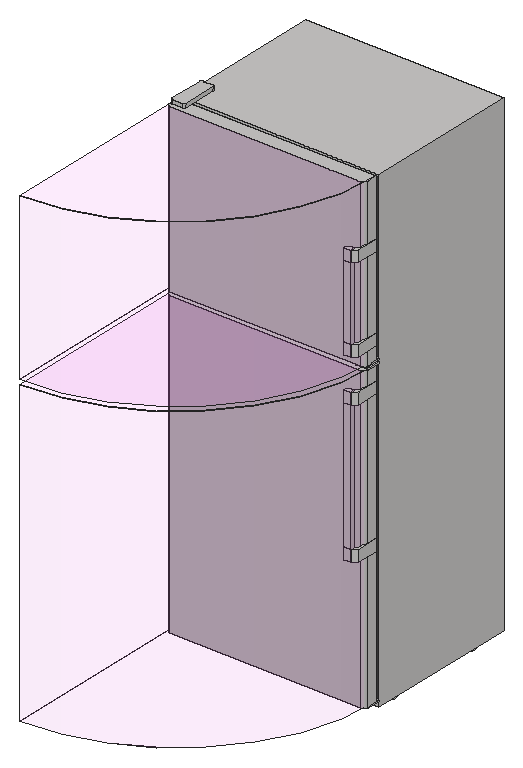
Revit family "QF_Summit_FF1513SS_Refrigerator_Freezer", category Specialty Equipment, Revit 2020
Family settings
  Round Connector Dimension = Use Diameter
  Part Type = Normal
  Work Plane-Based = No
  Always vertical = Yes
  Cut with Voids When Loaded = No
  Shared = No
  Room Calculation Point = No
Parameters
  Weight in Pounds = 185
  Watts = Volts * FL Amps  # 276 W
  Volts = 115 V
  URL Cutsheet = ""
  Specification by User = ""
  Specification by Manufacturer = ""
  Show RHD [instance] = not(Show LHD)  # yes
  Show LHD [instance] = no
  Serial Number = ""
  Seismic Rating = ""
  SMACNA No = ""
  Revision Code = ""
  Refrigerant Volume = 0.00 kip
  Refrigerant Type = "R600a"
  Phase = 1
  Number of Poles = 1
  NAFEM Spec ID Number = ""
  Model = "FF1513SS"
  Min Ckt Ampacity = 0 A
  Max Overcurrent Protection = 0 A
  Masterspec = ""
  Manufacturer = "Summit"
  Length = 27 1/2"
  Item Number = ""
  Installed By = ""
  Identify Quantity as Lot = yes
  Height = 67 1/4"
  HP = ""
  Furnished By = ""
  Foodservice Equipment Identifier = yes
  FL Amps = 2.4 A
  Electrical Remarks = ""
  Electric Connection Type = ""
  Elec Conn RI Height = 0"
  Elec Conn Connection Height = 0"
  Description = "Refrigerator Freezer"
  Depth = 26 1/4"
  Default Elevation = 0"
  Cycle = 60 Hz
  Conn Plug = ""
  Conn Conduit = yes
  CSI MasterFormat = ""
  BTUH = 0.0 Btu/h
  Apparent Power = 0 VA
Reference planes (in)
  plane 1 "BACK": y = 0
  plane 2: z = 0
  plane 3 "LEFT": x = 0
  plane 4 "RIGHT": x = 27.5
  plane 5 "FRONT": y = -26.25
  plane 6 "TOP": z = 67.25
  plane 7 "Center Y": x = 13.75
  plane 8 "Center X": y = -13.125
Dimensions and locks (in)
  equal spacing: plane 3 "LEFT", plane 7 "Center Y", plane 4 "RIGHT"
  "Length": plane 3 "LEFT" to plane 4 "RIGHT"
  equal spacing: plane 5 "FRONT", plane 8 "Center X", plane 1 "BACK"
  "Depth": plane 5 "FRONT" to plane 1 "BACK"
  "Height": plane 6 "TOP" to level
  nested 1 to plane 6 "TOP" = 1/2"
  aligned and locked: level to plane 2
Nested families (in)
  nested 1: "FF1513SS" at (0, 0, 0), Show LHD <- "Show LHD", Show RHD <- "Show RHD", type "FF1513SS"
    with Show RHD yes, Show LHD no, Show Clearance yes
Connectors (in)
  electrical at (23.54712, -1.59375, 15.10499), driven by "Volts", driven by "Watts"
    settings: on nested 1, index 1, voltage 115 V, apparent load 276 VA, apparent load phase1 0 VA, apparent load phase2 0 VA, apparent load phase3 0 VA, power factor 1, load classification "Other", number of poles 1, system type 30, power factor state 1, is connector primary yes, connector utility no, sub classification motor no, connector description "ELECTRICAL CONNECTION"
Definition of nested family "FF1513SS"
  Parameters (values of type "FF1513SS")
    Weight in Pounds = 0
    URL Cutsheet = ""
    Specification by User = ""
    Specification by Manufacturer = ""
    Show RHD [instance] = yes
    Show LHD [instance] = yes
    Show Clearance [instance] = yes
    Serial Number = ""
    Seismic Rating = ""
    SMACNA No = ""
    Revision Code = ""
    NAFEM Spec ID Number = ""
    Masterspec = ""
    Length = 27 1/2"
    Item Number = ""
    Installed By = ""
    Identify Quantity as Lot = yes
    Height = 67 1/4"
    Furnished By = ""
    Foodservice Equipment Identifier = yes
    Depth = 26 1/4"
    Default Elevation = 0"
    CSI MasterFormat = ""
  Reference planes (in)
    plane 1 "BACK": y = 0
    plane 2: z = 0
    plane 3 "LEFT": x = 0
    plane 4 "RIGHT": x = 27.5
    plane 5 "FRONT": y = -26.25
    plane 6 "TOP": z = 67.25
    plane 7 "Center Y": x = 13.75
    plane 8 "Center X": y = -13.125
    plane 9: y = -51.375
    plane 10: z = 0.875
    plane 11: z = 67.75
  Forms (in)
    Extrusion 1, solid
      sketch origin (-4.23287, -180, 0.875) x (-1, 0, 0) y (0, -1, 0)
        loop
          line (-4.23287, -178.375) -> (-4.23287, -156.625) -> (-31.73287, -156.625) -> (-31.73287, -178.375) -> (-4.23287, -178.375)
      from 0 to 66.375
    Extrusion 2, solid
      sketch origin (-4.23287, -180, 67.25) x (-1, 0, 0) y (0, -1, 0)
        loop
          line (-4.23287, -156.1626) -> (-4.23287, -154.6636)
          arc (-4.23287, -154.6636) -> (-4.36846, -154.32125) -> (-4.70168, -154.16457) r 0.5
          arc (-4.70168, -154.16457) -> (-17.98287, -153.75) -> (-31.26405, -154.16457) r 212.94342
          arc (-31.26405, -154.16457) -> (-31.59728, -154.32125) -> (-31.73287, -154.6636) r 0.5
          line (-31.73287, -154.6636) -> (-31.73287, -156.1626) -> (-4.23287, -156.1626)
      from 0 to -23
    Extrusion 3, solid
      sketch origin (-7.14863, -180, 43.68942) x (-1, 0, 0) y (0, -1, 0)
        loop
          line (-7.14863, -156.1626) -> (-7.14863, -154.6636)
          arc (-7.14863, -154.6636) -> (-7.28422, -154.32125) -> (-7.61745, -154.16457) r 0.5
          arc (-7.61745, -154.16457) -> (-20.89863, -153.75) -> (-34.17982, -154.16457) r 212.94342
          arc (-34.17982, -154.16457) -> (-34.51304, -154.32125) -> (-34.64863, -154.6636) r 0.5
          line (-34.64863, -154.6636) -> (-34.64863, -156.1626) -> (-7.14863, -156.1626)
      from 0 to -42
    Extrusion 4, solid, visible <- "Show LHD"
      sketch origin (-11.51506, -180, 59.55972) x (-1, 0, 0) y (0, -1, 0)
        loop
          line (-11.51506, -155.875) -> (-11.26506, -155.875) -> (-11.26506, -152.9277) -> (-11.94276, -152.25) -> (-12.89588, -152.25)
          arc (-12.89588, -152.25) -> (-12.69739, -152.7292) -> (-12.21818, -152.9277) r 0.6777
          line (-12.21818, -152.9277) -> (-11.94276, -152.9277) -> (-11.51506, -153.35539) -> (-11.51506, -155.875)
      from 0 to -1.53995
    Extrusion 5, solid, visible <- "Show LHD"
      sketch origin (-2.60867, -180, 47.7855) x (-1, 0, 0) y (0, -1, 0)
        loop
          line (-2.60867, -155.875) -> (-2.35867, -155.875) -> (-2.35867, -152.9277) -> (-3.03637, -152.25) -> (-3.9895, -152.25)
          arc (-3.9895, -152.25) -> (-3.791, -152.7292) -> (-3.3118, -152.9277) r 0.6777
          line (-3.3118, -152.9277) -> (-3.03637, -152.9277) -> (-2.60867, -153.35539) -> (-2.60867, -155.875)
      from 0 to -1.53995
    Extrusion 6, solid, visible <- "Show LHD"
      sketch origin (-11.51506, -180, 20.69028) x (0, 1, 0) y (1, 0, 0)
        loop
          line (155.875, 11.51506) -> (153.35539, 11.51506) -> (152.9277, 11.94276) -> (152.9277, 12.21818)
          arc (152.9277, 12.21818) -> (152.7292, 12.69739) -> (152.25, 12.89588) r 0.6777
          line (152.25, 12.89588) -> (152.25, 11.94276) -> (152.9277, 11.26506) -> (155.875, 11.26506) -> (155.875, 11.51506)
      from 0 to -1.53995
    Extrusion 7, solid, visible <- "Show LHD"
      sketch origin (-2.60867, -180, 40.277) x (0, 1, 0) y (1, 0, 0)
        loop
          line (155.875, 2.60867) -> (153.35539, 2.60867) -> (152.9277, 3.03637) -> (152.9277, 3.3118)
          arc (152.9277, 3.3118) -> (152.7292, 3.791) -> (152.25, 3.9895) r 0.6777
          line (152.25, 3.9895) -> (152.25, 3.03637) -> (152.9277, 2.35867) -> (155.875, 2.35867) -> (155.875, 2.60867)
      from 0 to -1.53995
    Extrusion 8, solid
      sketch origin (-4.23287, -180, 67.25) x (-1, 0, 0) y (0, -1, 0)
        loop
          line (-4.36935, -156.625) -> (-4.36935, -156.1626) -> (-31.63496, -156.1626) -> (-31.63496, -156.625) -> (-4.36935, -156.625)
      from -0.29526 to -22.63586
    Extrusion 9, solid
      sketch origin (-4.23287, -180, 20.75) x (0, 1, 0) y (1, 0, 0)
        loop
          line (156.625, 4.36935) -> (156.625, 31.63496) -> (156.1626, 31.63496) -> (156.1626, 4.36935) -> (156.625, 4.36935)
      from 18.72345 to -22.63586
    Extrusion 10, solid, visible <- "Show LHD"
      sketch origin (25.15505, -180, 67.75) x (-1, 0, 0) y (0, -1, 0)
        loop
          arc (-0.70701, -160.11767) -> (-0.53024, -160.04445) -> (-0.45701, -159.86767) r 0.25
          line (-0.45701, -159.86767) -> (-0.45701, -155.1197)
          arc (-0.45701, -155.1197) -> (-0.53024, -154.94292) -> (-0.70701, -154.8697) r 0.25
          line (-0.70701, -154.8697) -> (-2.09495, -154.8697)
          arc (-2.09495, -154.8697) -> (-2.27173, -154.94292) -> (-2.34495, -155.1197) r 0.25
          line (-2.34495, -155.1197) -> (-2.34495, -159.86767)
          arc (-2.34495, -159.86767) -> (-2.27173, -160.04445) -> (-2.09495, -160.11767) r 0.25
          line (-2.09495, -160.11767) -> (-0.70701, -160.11767)
      from 0 to -0.5
    Extrusion 11, solid
      sketch origin (-4.23287, -180, 44.25) x (0, -1, 0) y (-1, 0, 0)
        loop
          line (-155.1197, -29.84493) -> (-156.625, -29.84493) -> (-156.625, -31.73287) -> (-155.1197, -31.73287)
          arc (-155.1197, -31.73287) -> (-154.94292, -31.65964) -> (-154.8697, -31.48287) r 0.25
          line (-154.8697, -31.48287) -> (-154.8697, -30.09493)
          arc (-154.8697, -30.09493) -> (-154.94292, -29.91815) -> (-155.1197, -29.84493) r 0.25
      from 0 to 0.15722
    Extrusion 12, solid
      sketch origin (-7.14863, -180, 43.68942) x (-1, 0, 0) y (0, -1, 0)
        loop
          arc (-32.76069, -155.1197) -> (-32.83391, -154.94292) -> (-33.01069, -154.8697) r 0.25
          line (-33.01069, -154.8697) -> (-34.39863, -154.8697)
          arc (-34.39863, -154.8697) -> (-34.57541, -154.94292) -> (-34.64863, -155.1197) r 0.25
          line (-34.64863, -155.1197) -> (-34.64863, -156.625) -> (-32.76069, -156.625) -> (-32.76069, -155.1197)
      from 0 to 0.15722
    Extrusion 13, solid
      sketch origin (-7.14863, -180, 1.68942) x (0, 1, 0) y (1, 0, 0)
        loop
          line (155.1197, 32.76069) -> (156.625, 32.76069) -> (156.625, 34.64863) -> (155.1197, 34.64863)
          arc (155.1197, 34.64863) -> (154.94292, 34.57541) -> (154.8697, 34.39863) r 0.25
          line (154.8697, 34.39863) -> (154.8697, 33.01069)
          arc (154.8697, 33.01069) -> (154.94292, 32.83391) -> (155.1197, 32.76069) r 0.25
      from 0 to 0.15722
    Extrusion 14, solid
      sketch origin (-4.23287, -180, 0.875) x (0, -1, 0) y (-1, 0, 0)
        loop
          line (-178.375, -5.47103) -> (-178.83966, -5.47103)
          arc (-178.83966, -5.47103) -> (-179.12982, -5.59122) -> (-179.25, -5.88137) r 0.41034
          line (-179.25, -5.88137) -> (-179.25, -30.20465)
          arc (-179.25, -30.20465) -> (-179.15367, -30.43721) -> (-178.92112, -30.53353) r 0.32888
          line (-178.92112, -30.53353) -> (-178.375, -30.53353) -> (-178.375, -5.47103)
      from -1.15155 to -11.125
    Extrusion 15, solid
      sketch origin (-240, 9.27289, 3.18477) x (0, 1, 0) y (-1, 0, 0)
        loop
          arc (-9.27289, -258.021) -> (-9.34611, -257.84423) -> (-9.52289, -257.771) r 0.25
          line (-9.52289, -257.771) -> (-10.02289, -257.771) -> (-10.02289, -262.6552) -> (-9.52289, -262.6552)
          arc (-9.52289, -262.6552) -> (-9.34611, -262.58198) -> (-9.27289, -262.4052) r 0.25
          line (-9.27289, -262.4052) -> (-9.27289, -258.021)
      from 0 to 4.10827
    Extrusion 16, solid
      sketch origin (0, -1.625, 0.875) x (1, 0, 0) y (0, 0, -1)
        loop
          circle (23.54712, -14.22999) r 0.25
      from 0 to 0.03125
    Extrusion 17, solid, visible <- "Show LHD"
      sketch origin (-7.14863, -180, 1.68942) x (0, -1, 0) y (-1, 0, 0)
        loop
          line (-156.1626, -7.14866) -> (-156.1626, -34.64863) -> (-128.625, -34.64863)
          arc (-128.625, -34.64863) -> (-136.69286, -15.1899) -> (-156.1626, -7.14866) r 27.5
      from 0 to -42
    Extrusion 18, solid, visible <- "Show LHD"
      sketch origin (-4.23287, -180, 44.25) x (0, -1, 0) y (-1, 0, 0)
        loop
          line (-156.16202, -4.23201) -> (-156.1626, -31.73287) -> (-128.62295, -31.73287)
          arc (-128.62295, -31.73287) -> (-136.69128, -12.27331) -> (-156.16202, -4.23201) r 27.50088
      from 0 to -23
    Extrusion 19, solid, visible <- "Show LHD"
      sketch origin (-11.51506, -180, 20.69028) x (-1, 0, 0) y (0, 1, 0)
        loop
          line (-11.94276, 152.25) -> (-11.94276, 152.9277) -> (-12.21818, 152.9277)
          arc (-12.21818, 152.9277) -> (-12.69739, 152.7292) -> (-12.89588, 152.25) r 0.6777
          line (-12.89588, 152.25) -> (-11.94276, 152.25)
      from 0 to -21.12667
    Extrusion 20, solid, visible <- "Show LHD"
      sketch origin (-11.51506, -180, 59.55972) x (-1, 0, 0) y (0, -1, 0)
        loop
          line (-11.94276, -152.25) -> (-12.89588, -152.25)
          arc (-12.89588, -152.25) -> (-12.69739, -152.7292) -> (-12.21818, -152.9277) r 0.6777
          line (-12.21818, -152.9277) -> (-11.94276, -152.9277) -> (-11.94276, -152.25)
      from 0 to -13.31417
    Revolve 21, solid
      sketch origin (-240, -19.375, 7.75124) x (0, 0, 1) y (-1, 0, 0)
        loop
          line (-6.87624, -241.75) -> (-7.75124, -241.75) -> (-7.75124, -242.75) -> (-7.50124, -242.75) -> (-7.50124, -242) -> (-6.87624, -242) -> (-6.87624, -241.75)
        axis (-7.75124, -241.75) -> (-6.87624, -241.75)
      angle from 0 to 360
    Revolve 22, solid
      sketch origin (-240, -19.375, 7.75124) x (0, 0, 1) y (-1, 0, 0)
        loop
          line (-6.87624, -265.75) -> (-6.87624, -265.5) -> (-7.50124, -265.5) -> (-7.50124, -264.75) -> (-7.75124, -264.75) -> (-7.75124, -265.75) -> (-6.87624, -265.75)
        axis (-7.75124, -265.75) -> (-6.87624, -265.75)
      angle from 0 to 360
    Revolve 23, solid
      sketch origin (-240, -5.625, 7.75124) x (0, 0, 1) y (1, 0, 0)
        loop
          line (-6.87624, 241.75) -> (-6.87624, 242) -> (-7.50124, 242) -> (-7.50124, 242.75) -> (-7.75124, 242.75) -> (-7.75124, 241.75) -> (-6.87624, 241.75)
        axis (-7.75124, 241.75) -> (-6.87624, 241.75)
      angle from 0 to 360
    Revolve 24, solid
      sketch origin (-240, -5.625, 7.75124) x (0, 0, 1) y (1, 0, 0)
        loop
          line (-6.87624, 265.75) -> (-7.75124, 265.75) -> (-7.75124, 264.75) -> (-7.50124, 264.75) -> (-7.50124, 265.5) -> (-6.87624, 265.5) -> (-6.87624, 265.75)
        axis (-7.75124, 265.75) -> (-6.87624, 265.75)
      angle from 0 to 360
    Extrusion 25, solid, visible <- "Show RHD"
      sketch origin (34.64863, -180, 1.68942) x (0, 1, 0) y (1, 0, 0)
        loop
          arc (156.1626, -7.14866) -> (136.69286, -15.1899) -> (128.625, -34.64863) r 27.5
          line (128.625, -34.64863) -> (156.1626, -34.64863) -> (156.1626, -7.14866)
      from 0 to -42
    Extrusion 26, solid, visible <- "Show RHD"
      sketch origin (31.73287, -180, 44.25) x (0, 1, 0) y (1, 0, 0)
        loop
          arc (156.16202, -4.23201) -> (136.69128, -12.27331) -> (128.62295, -31.73287) r 27.50088
          line (128.62295, -31.73287) -> (156.1626, -31.73287) -> (156.16202, -4.23201)
      from 0 to -23
    Extrusion 27, solid, visible <- "Show RHD"
      sketch origin (39.01506, -180, 59.55972) x (1, 0, 0) y (0, 1, 0)
        loop
          line (-11.51506, 155.875) -> (-11.51506, 153.35539) -> (-11.94276, 152.9277) -> (-12.21818, 152.9277)
          arc (-12.21818, 152.9277) -> (-12.69739, 152.7292) -> (-12.89588, 152.25) r 0.6777
          line (-12.89588, 152.25) -> (-11.94276, 152.25) -> (-11.26506, 152.9277) -> (-11.26506, 155.875) -> (-11.51506, 155.875)
      from 0 to -1.53995
    Extrusion 28, solid, visible <- "Show RHD"
      sketch origin (30.10867, -180, 47.7855) x (1, 0, 0) y (0, 1, 0)
        loop
          line (-2.60867, 155.875) -> (-2.60867, 153.35539) -> (-3.03637, 152.9277) -> (-3.3118, 152.9277)
          arc (-3.3118, 152.9277) -> (-3.791, 152.7292) -> (-3.9895, 152.25) r 0.6777
          line (-3.9895, 152.25) -> (-3.03637, 152.25) -> (-2.35867, 152.9277) -> (-2.35867, 155.875) -> (-2.60867, 155.875)
      from 0 to -1.53995
    Extrusion 29, solid, visible <- "Show RHD"
      sketch origin (39.01506, -180, 20.69028) x (0, -1, 0) y (-1, 0, 0)
        loop
          line (-155.875, 11.51506) -> (-155.875, 11.26506) -> (-152.9277, 11.26506) -> (-152.25, 11.94276) -> (-152.25, 12.89588)
          arc (-152.25, 12.89588) -> (-152.7292, 12.69739) -> (-152.9277, 12.21818) r 0.6777
          line (-152.9277, 12.21818) -> (-152.9277, 11.94276) -> (-153.35539, 11.51506) -> (-155.875, 11.51506)
      from 0 to -1.53995
    Extrusion 30, solid, visible <- "Show RHD"
      sketch origin (30.10867, -180, 40.277) x (0, -1, 0) y (-1, 0, 0)
        loop
          line (-155.875, 2.60867) -> (-155.875, 2.35867) -> (-152.9277, 2.35867) -> (-152.25, 3.03637) -> (-152.25, 3.9895)
          arc (-152.25, 3.9895) -> (-152.7292, 3.791) -> (-152.9277, 3.3118) r 0.6777
          line (-152.9277, 3.3118) -> (-152.9277, 3.03637) -> (-153.35539, 2.60867) -> (-155.875, 2.60867)
      from 0 to -1.53995
    Extrusion 31, solid, visible <- "Show RHD"
      sketch origin (39.01506, -180, 20.69028) x (1, 0, 0) y (0, -1, 0)
        loop
          line (-11.94276, -152.25) -> (-12.89588, -152.25)
          arc (-12.89588, -152.25) -> (-12.69739, -152.7292) -> (-12.21818, -152.9277) r 0.6777
          line (-12.21818, -152.9277) -> (-11.94276, -152.9277) -> (-11.94276, -152.25)
      from 0 to -21.12667
    Extrusion 32, solid, visible <- "Show RHD"
      sketch origin (39.01506, -180, 59.55972) x (1, 0, 0) y (0, 1, 0)
        loop
          line (-11.94276, 152.25) -> (-11.94276, 152.9277) -> (-12.21818, 152.9277)
          arc (-12.21818, 152.9277) -> (-12.69739, 152.7292) -> (-12.89588, 152.25) r 0.6777
          line (-12.89588, 152.25) -> (-11.94276, 152.25)
      from 0 to -13.31417
    Extrusion 33, solid, visible <- "Show RHD"
      sketch origin (2.34495, -180, 67.75) x (1, 0, 0) y (0, 1, 0)
        loop
          line (-0.70701, 160.11767) -> (-2.09495, 160.11767)
          arc (-2.09495, 160.11767) -> (-2.27173, 160.04445) -> (-2.34495, 159.86767) r 0.25
          line (-2.34495, 159.86767) -> (-2.34495, 155.1197)
          arc (-2.34495, 155.1197) -> (-2.27173, 154.94292) -> (-2.09495, 154.8697) r 0.25
          line (-2.09495, 154.8697) -> (-0.70701, 154.8697)
          arc (-0.70701, 154.8697) -> (-0.53024, 154.94292) -> (-0.45701, 155.1197) r 0.25
          line (-0.45701, 155.1197) -> (-0.45701, 159.86767)
          arc (-0.45701, 159.86767) -> (-0.53024, 160.04445) -> (-0.70701, 160.11767) r 0.25
      from 0 to -0.5
  Cuts and joins
    joined: Extrusion 4, Extrusion 5, Extrusion 6, Extrusion 7, Extrusion 19, Extrusion 20
    joined: Extrusion 1, Extrusion 14, Extrusion 15, Extrusion 16
  Lines and regions (in)
    symbolic lines
      curve 1: line (0, -1.625, 0) -> (0, -23.375, 0)
      curve 2: line (27.5, -25.3364, 0) -> (27.5, -1.625, 0)
      curve 3: line (27.5, -1.625, 0) -> (0, -1.625, 0)
      curve 14: line (0, -23.8374, 0) -> (0, -25.3364, 0)
      curve 15: arc (0, -25.3364, 0) -> (0.13559, -25.67875, 0) -> (0.46882, -25.83543, 0) r 0.5
      curve 16: arc (0.46882, -25.83543, 0) -> (13.75, -26.25, 0) -> (27.03118, -25.83543, 0) r 212.94342
      curve 17: arc (27.03118, -25.83543, 0) -> (27.36441, -25.67875, 0) -> (27.5, -25.3364, 0) r 0.5
      curve 29: line (1.23817, -1.16034, 0) -> (1.23817, -1.625, 0)
      curve 30: arc (1.23817, -1.16034, 0) -> (1.35835, -0.87018, 0) -> (1.6485, -0.75, 0) r 0.41034
      curve 31: line (25.97178, -0.75, 0) -> (1.6485, -0.75, 0)
      curve 32: line (26.30067, -1.625, 0) -> (26.30067, -1.07888, 0)
      curve 33: arc (25.97178, -0.75, 0) -> (26.20434, -0.84633, 0) -> (26.30067, -1.07888, 0) r 0.32888
      curve 34: line (22.6552, -0.75, 0) -> (22.6552, -0.25, 0)
      curve 35: arc (22.6552, -0.25, 0) -> (22.58198, -0.07322, 0) -> (22.4052, 0, 0) r 0.25
      curve 36: line (22.4052, 0, 0) -> (18.021, 0, 0)
      curve 37: arc (18.021, 0, 0) -> (17.84423, -0.07322, 0) -> (17.771, -0.25, 0) r 0.25
      curve 38: line (17.771, -0.25, 0) -> (17.771, -0.75, 0)
    symbolic lines, visible <- "Show LHD"
      curve 4: line (0.13648, -23.375, 0) -> (0.13648, -23.8374, 0)
      curve 5: arc (27.5, -20.13233, 0) -> (27.42678, -19.95555, 0) -> (27.25, -19.88233, 0) r 0.25
      curve 6: line (27.25, -19.88233, 0) -> (25.86206, -19.88233, 0)
      curve 7: arc (25.86206, -19.88233, 0) -> (25.68528, -19.95555, 0) -> (25.61206, -20.13233, 0) r 0.25
      curve 8: line (25.61206, -20.13233, 0) -> (25.61206, -24.8803, 0)
      curve 9: arc (25.61206, -24.8803, 0) -> (25.68528, -25.05708, 0) -> (25.86206, -25.1303, 0) r 0.25
      curve 10: line (25.86206, -25.1303, 0) -> (27.25, -25.1303, 0)
      curve 11: arc (27.25, -25.1303, 0) -> (27.42678, -25.05708, 0) -> (27.5, -24.8803, 0) r 0.25
      curve 12: line (0, -23.375, 0) -> (25.61206, -23.375, 0)
      curve 13: line (25.61206, -23.8374, 0) -> (0, -23.8374, 0)
      curve 18: arc (3.66677, -37.59752, 0) -> (0.92679, -30.95873, 0) -> (-0.00085, -23.83691, 0) r 27.50088
      curve 19: line (27.5, -23.8374, 0) -> (3.66677, -37.59752, 0)
      curve 20: line (0, -24.125, 0) -> (-0.25, -24.125, 0)
      curve 21: line (0, -26.64461, 0) -> (0, -24.125, 0)
      curve 22: line (0.4277, -27.0723, 0) -> (0, -26.64461, 0)
      curve 23: line (0.70313, -27.0723, 0) -> (0.4277, -27.0723, 0)
      curve 24: arc (1.38082, -27.75, 0) -> (1.18233, -27.2708, 0) -> (0.70313, -27.0723, 0) r 0.6777
      curve 25: line (0.4277, -27.75, 0) -> (1.38082, -27.75, 0)
      curve 26: line (0.4277, -27.0723, 0) -> (0.4277, -27.75, 0)
      curve 27: line (-0.25, -27.0723, 0) -> (0.4277, -27.75, 0)
      curve 28: line (-0.25, -24.125, 0) -> (-0.25, -27.0723, 0)
    symbolic lines, visible <- "Show RHD"
      curve 39: arc (23.83323, -37.59752, 0) -> (26.57307, -30.95925, 0) -> (27.50085, -23.83798, 0) r 27.50088
      curve 40: line (-0.00085, -23.83691, 0) -> (23.83323, -37.59752, 0)
      curve 41: line (27.5, -24.125, 0) -> (27.75, -24.125, 0)
      curve 42: line (27.5, -26.64461, 0) -> (27.5, -24.125, 0)
      curve 43: line (27.0723, -27.0723, 0) -> (27.5, -26.64461, 0)
      curve 44: line (26.79687, -27.0723, 0) -> (27.0723, -27.0723, 0)
      curve 45: arc (26.11918, -27.75, 0) -> (26.31767, -27.2708, 0) -> (26.79687, -27.0723, 0) r 0.6777
      curve 46: line (27.0723, -27.75, 0) -> (26.11918, -27.75, 0)
      curve 47: line (27.0723, -27.0723, 0) -> (27.0723, -27.75, 0)
      curve 48: line (27.75, -27.0723, 0) -> (27.0723, -27.75, 0)
      curve 49: line (27.75, -24.125, 0) -> (27.75, -27.0723, 0)
      curve 50: arc (0, -20.13233, 0) -> (0.07322, -19.95555, 0) -> (0.25, -19.88233, 0) r 0.25
      curve 51: line (0.25, -19.88233, 0) -> (1.63794, -19.88233, 0)
      curve 52: arc (1.63794, -19.88233, 0) -> (1.81472, -19.95555, 0) -> (1.88794, -20.13233, 0) r 0.25
      curve 53: line (1.88794, -20.13233, 0) -> (1.88794, -24.8803, 0)
      curve 54: arc (1.88794, -24.8803, 0) -> (1.81472, -25.05708, 0) -> (1.63794, -25.1303, 0) r 0.25
      curve 55: line (1.63794, -25.1303, 0) -> (0.25, -25.1303, 0)
      curve 56: arc (0.25, -25.1303, 0) -> (0.07322, -25.05708, 0) -> (0, -24.8803, 0) r 0.25
      curve 57: line (27.36352, -23.375, 0) -> (27.36352, -23.8374, 0)
      curve 58: line (27.5, -23.375, 0) -> (1.88794, -23.375, 0)
      curve 59: line (1.88794, -23.8374, 0) -> (27.5, -23.8374, 0)
  Dimensions and locks (in)
    equal spacing: plane 3 "LEFT", plane 7 "Center Y", plane 4 "RIGHT"
    "Length": plane 3 "LEFT" to plane 4 "RIGHT"
    equal spacing: plane 5 "FRONT", plane 8 "Center X", plane 1 "BACK"
    "Depth": plane 5 "FRONT" to plane 1 "BACK"
    "Height": plane 6 "TOP" to level
    plane 1 "BACK" to plane 9 = 51 3/8"
    aligned and locked: level to plane 2
  Automatic sketch dimensions
    Extrusion 1 sketch curve to plane 4 "RIGHT" = 0"
    Extrusion 1 sketch curve to plane 3 "LEFT" = 0"
    plane 1 "BACK" to Extrusion 1 sketch curve = 1 5/8"
    Extrusion 1 sketch curve to plane 5 "FRONT" = 2 7/8"
    Extrusion 2 sketch curve to Extrusion 1 = 0"  (x2)
    Extrusion 2 sketch curve to Extrusion 1 = 1/2"  (x2)
    Extrusion 2 sketch curve to Extrusion 1 = 13 3/4"
    Extrusion 1 to Extrusion 2 sketch curve = 188.31842"
    Extrusion 1 to Extrusion 2 sketch curve = 0.4624"
    Extrusion 2 sketch curve to Extrusion 2 sketch curve = 1.499"  (x2)
    Extrusion 2 sketch curve to Extrusion 2 sketch curve = 0"
    Extrusion 3 sketch curve to plane 4 "RIGHT" = 0"
    Extrusion 3 sketch curve to plane 7 "Center Y" = 0"
    Extrusion 3 sketch curve to plane 3 "LEFT" = 0"
    plane 4 "RIGHT" to Extrusion 3 sketch curve = 1/2"
    Extrusion 3 sketch curve to Extrusion 3 sketch curve = 1/2"
    Extrusion 3 sketch curve to plane 1 "BACK" = 186.69342"
    Extrusion 3 sketch curve to plane 5 "FRONT" = 2.4126"
    Extrusion 3 sketch curve to plane 5 "FRONT" = 0.9136"  (x2)
    Extrusion 3 sketch curve to Extrusion 3 sketch curve = 0"
    Extrusion 4 sketch curve to plane 3 "LEFT" = 0"
    plane 3 "LEFT" to Extrusion 4 sketch curve = 0.4277"  (x2)
    Extrusion 4 sketch curve to Extrusion 4 sketch curve = 0.27543"
    Extrusion 4 sketch curve to Extrusion 4 sketch curve = 0.6777"
    Extrusion 4 sketch curve to plane 3 "LEFT" = 1/4"
    Extrusion 4 sketch curve to plane 5 "FRONT" = 2 1/8"
    plane 5 "FRONT" to Extrusion 4 sketch curve = 0.39461"
    plane 5 "FRONT" to Extrusion 4 sketch curve = 0.8223"
    Extrusion 4 sketch curve to Extrusion 4 sketch curve = 0.4277"
    Extrusion 5 sketch curve to plane 3 "LEFT" = 0"
    plane 3 "LEFT" to Extrusion 5 sketch curve = 0.4277"  (x2)
    Extrusion 5 sketch curve to Extrusion 5 sketch curve = 0.27543"
    Extrusion 5 sketch curve to Extrusion 5 sketch curve = 0.6777"
    Extrusion 5 sketch curve to plane 3 "LEFT" = 1/4"
    Extrusion 5 sketch curve to plane 5 "FRONT" = 2 1/8"
    plane 5 "FRONT" to Extrusion 5 sketch curve = 0.39461"
    plane 5 "FRONT" to Extrusion 5 sketch curve = 0.8223"
    Extrusion 5 sketch curve to Extrusion 5 sketch curve = 0.4277"
    Extrusion 6 sketch curve to plane 3 "LEFT" = 0"
    plane 3 "LEFT" to Extrusion 6 sketch curve = 0.4277"
    plane 5 "FRONT" to Extrusion 6 sketch curve = 1 1/2"
    Extrusion 6 sketch curve to plane 3 "LEFT" = 1/4"
    plane 5 "FRONT" to Extrusion 6 sketch curve = 0.8223"
    Extrusion 6 sketch curve to Extrusion 6 sketch curve = 0.6777"
    plane 5 "FRONT" to Extrusion 6 sketch curve = 0.39461"
    Extrusion 6 sketch curve to plane 5 "FRONT" = 2 1/8"
    plane 3 "LEFT" to Extrusion 6 sketch curve = 45/64"
    Extrusion 6 sketch curve to Extrusion 6 sketch curve = 0.27543"
    Extrusion 7 sketch curve to plane 3 "LEFT" = 0"
    plane 3 "LEFT" to Extrusion 7 sketch curve = 0.4277"
    plane 5 "FRONT" to Extrusion 7 sketch curve = 1 1/2"
    Extrusion 7 sketch curve to plane 3 "LEFT" = 1/4"
    plane 5 "FRONT" to Extrusion 7 sketch curve = 0.8223"
    Extrusion 7 sketch curve to Extrusion 7 sketch curve = 0.6777"
    plane 5 "FRONT" to Extrusion 7 sketch curve = 0.39461"
    Extrusion 7 sketch curve to plane 5 "FRONT" = 2 1/8"
    plane 3 "LEFT" to Extrusion 7 sketch curve = 45/64"
    Extrusion 7 sketch curve to Extrusion 7 sketch curve = 0.27543"
    Extrusion 8 sketch curve to Extrusion 2 = 0"
    Extrusion 8 sketch curve to Extrusion 2 = 0.09791"
    Extrusion 8 sketch curve to Extrusion 2 = 0.13648"
    Extrusion 2 to Extrusion 8 sketch curve = 0.4624"
    plane 3 "LEFT" to Extrusion 9 sketch curve = 0.13648"
    Extrusion 9 sketch curve to plane 5 "FRONT" = 2.4126"
    Extrusion 9 sketch curve to Extrusion 9 sketch curve = 0.4624"
    plane 4 "RIGHT" to Extrusion 9 sketch curve = 0.09791"
    Extrusion 10 sketch curve to plane 4 "RIGHT" = 0"
    plane 4 "RIGHT" to Extrusion 10 sketch curve = 1/4"  (x2)
    Extrusion 10 sketch curve to Extrusion 10 sketch curve = 1.38794"  (x2)
    Extrusion 10 sketch curve to Extrusion 10 sketch curve = 1/4"
    Extrusion 10 sketch curve to plane 5 "FRONT" = 6.36767"
    Extrusion 10 sketch curve to plane 5 "FRONT" = 1.3697"
    Extrusion 11 sketch curve to Extrusion 2 = 0"
    Extrusion 11 sketch curve to Extrusion 2 = 0.4624"
    Extrusion 2 to Extrusion 11 sketch curve = 1.04291"  (x2)
    Extrusion 11 sketch curve to Extrusion 11 sketch curve = 1/4"
    Extrusion 11 sketch curve to Extrusion 11 sketch curve = 1.38794"
    Extrusion 12 sketch curve to Extrusion 3 = 0"
    Extrusion 12 sketch curve to Extrusion 3 = 1/4"
    Extrusion 12 sketch curve to Extrusion 12 sketch curve = 1.38794"
    Extrusion 3 to Extrusion 12 sketch curve = 0.4624"
    Extrusion 12 sketch curve to Extrusion 12 sketch curve = 1/4"
    Extrusion 12 sketch curve to Extrusion 3 = 1.04291"
    Extrusion 13 sketch curve to plane 4 "RIGHT" = 0"
    plane 4 "RIGHT" to Extrusion 13 sketch curve = 1/4"
    Extrusion 13 sketch curve to plane 5 "FRONT" = 1.1197"
    Extrusion 13 sketch curve to Extrusion 13 sketch curve = 1/4"
    Extrusion 13 sketch curve to Extrusion 13 sketch curve = 1.5053"
    Extrusion 13 sketch curve to Extrusion 13 sketch curve = 1.38794"
    Extrusion 1 to Extrusion 14 sketch curve = 0"
    Extrusion 14 sketch curve to Extrusion 1 = 0.46466"
    Extrusion 14 sketch curve to Extrusion 1 = 0.54612"
    Extrusion 14 sketch curve to Extrusion 14 sketch curve = 0.32888"
    Extrusion 1 to Extrusion 14 sketch curve = 1.23817"
    Extrusion 1 to Extrusion 14 sketch curve = 1.52822"
    plane 1 "BACK" to Extrusion 15 sketch curve = 0"
    Extrusion 15 sketch curve to Extrusion 15 sketch curve = 1/4"
    plane 1 "BACK" to Extrusion 15 sketch curve = 1/4"
    Extrusion 15 sketch curve to Extrusion 15 sketch curve = 1/2"
    plane 4 "RIGHT" to Extrusion 15 sketch curve = 4.8448"
    plane 7 "Center Y" to Extrusion 15 sketch curve = 4.271"
    Extrusion 16 sketch curve to Extrusion 1 = 3.95288"
    Extrusion 1 to Extrusion 16 sketch curve = 14.22999"
    Extrusion 3 to Extrusion 17 sketch curve = 0"
    Extrusion 17 sketch curve to Extrusion 3 = 0"
    Extrusion 3 to Extrusion 17 sketch curve = 0.0376"
    Extrusion 17 sketch curve to Extrusion 17 sketch curve = 27 1/2"
    Extrusion 18 sketch curve to Extrusion 2 = 0"
    Extrusion 2 to Extrusion 18 sketch curve = 0"
    Extrusion 2 to Extrusion 18 sketch curve = 0.00058"
    Extrusion 18 sketch curve to Extrusion 18 sketch curve = 0.03877"
    Extrusion 18 sketch curve to Extrusion 18 sketch curve = 27.50088"
    Extrusion 19 sketch curve to Extrusion 6 = 0"
    Extrusion 4 to Extrusion 20 sketch curve = 0"
    Revolve 21 sketch curve to level = 0"  (x2)
    Revolve 21 sketch curve to plane 10 = 0"
    Revolve 21 sketch curve to Revolve 21 sketch curve = 1/4"  (x2)
    plane 3 "LEFT" to Revolve 21 sketch curve = 2 3/4"
    Revolve 21 sketch curve to Revolve 21 sketch curve = 3/4"
    Revolve 21 sketch curve to Revolve 21 sketch curve = 3/16"
    Revolve 21 sketch curve to Revolve 21 sketch curve = 0"
    Revolve 22 sketch curve to level = 0"  (x2)
    Revolve 22 sketch curve to plane 10 = 0"
    Revolve 22 sketch curve to Revolve 22 sketch curve = 1/4"  (x2)
    plane 4 "RIGHT" to Revolve 22 sketch curve = 1 3/4"
    Revolve 22 sketch curve to Revolve 22 sketch curve = 3/4"
    Revolve 22 sketch curve to Revolve 22 sketch curve = 3/16"
    Revolve 22 sketch curve to Revolve 22 sketch curve = 0"
    Revolve 23 sketch curve to level = 0"  (x2)
    Revolve 23 sketch curve to plane 10 = 0"
    Revolve 23 sketch curve to Revolve 23 sketch curve = 1/4"  (x2)
    plane 3 "LEFT" to Revolve 23 sketch curve = 1 3/4"
    Revolve 23 sketch curve to Revolve 23 sketch curve = 3/4"
    Revolve 23 sketch curve to Revolve 23 sketch curve = 3/16"
    Revolve 23 sketch curve to Revolve 23 sketch curve = 0"
    Revolve 24 sketch curve to level = 0"  (x2)
    Revolve 24 sketch curve to plane 10 = 0"
    Revolve 24 sketch curve to Revolve 24 sketch curve = 1/4"  (x2)
    plane 4 "RIGHT" to Revolve 24 sketch curve = 2 3/4"
    Revolve 24 sketch curve to Revolve 24 sketch curve = 3/4"
    Revolve 24 sketch curve to Revolve 24 sketch curve = 3/16"
    Revolve 24 sketch curve to Revolve 24 sketch curve = 0"
    Extrusion 25 sketch curve to Extrusion 3 = 0"
    Extrusion 3 to Extrusion 25 sketch curve = 0"
    Extrusion 3 to Extrusion 25 sketch curve = 0.0376"
    Extrusion 25 sketch curve to Extrusion 25 sketch curve = 27 1/2"
    Extrusion 26 sketch curve to Extrusion 2 = 0"
    Extrusion 2 to Extrusion 26 sketch curve = 27.53965"
    Extrusion 2 to Extrusion 26 sketch curve = 0.03877"
    Extrusion 2 to Extrusion 26 sketch curve = 0.00058"
    Extrusion 2 to Extrusion 26 sketch curve = 0"
    Extrusion 27 sketch curve to plane 4 "RIGHT" = 0"
    plane 4 "RIGHT" to Extrusion 27 sketch curve = 0.4277"  (x2)
    Extrusion 27 sketch curve to Extrusion 27 sketch curve = 0.27543"
    Extrusion 27 sketch curve to Extrusion 27 sketch curve = 0.6777"
    Extrusion 27 sketch curve to plane 4 "RIGHT" = 1/4"
    plane 5 "FRONT" to Extrusion 27 sketch curve = 1 1/2"
    Extrusion 27 sketch curve to Extrusion 27 sketch curve = 0"
    plane 5 "FRONT" to Extrusion 27 sketch curve = 0.39461"
    Extrusion 27 sketch curve to plane 5 "FRONT" = 2 1/8"
    Extrusion 28 sketch curve to plane 4 "RIGHT" = 0"
    plane 4 "RIGHT" to Extrusion 28 sketch curve = 0.4277"  (x2)
    Extrusion 28 sketch curve to Extrusion 28 sketch curve = 0.27543"
    Extrusion 28 sketch curve to Extrusion 28 sketch curve = 0.6777"
    Extrusion 28 sketch curve to plane 4 "RIGHT" = 1/4"
    plane 5 "FRONT" to Extrusion 28 sketch curve = 1 1/2"
    Extrusion 28 sketch curve to Extrusion 28 sketch curve = 0"
    plane 5 "FRONT" to Extrusion 28 sketch curve = 0.39461"
    Extrusion 28 sketch curve to plane 5 "FRONT" = 2 1/8"
    Extrusion 29 sketch curve to plane 4 "RIGHT" = 0"
    Extrusion 29 sketch curve to plane 4 "RIGHT" = 1/4"
    Extrusion 29 sketch curve to plane 5 "FRONT" = 2 1/8"
    plane 5 "FRONT" to Extrusion 29 sketch curve = 0.39461"
    plane 5 "FRONT" to Extrusion 29 sketch curve = 0.8223"
    Extrusion 29 sketch curve to Extrusion 29 sketch curve = 0.4277"
    Extrusion 29 sketch curve to Extrusion 29 sketch curve = 0.6777"
    plane 4 "RIGHT" to Extrusion 29 sketch curve = 0.4277"  (x2)
    Extrusion 29 sketch curve to Extrusion 29 sketch curve = 0.27543"
    Extrusion 30 sketch curve to plane 4 "RIGHT" = 0"
    Extrusion 30 sketch curve to plane 4 "RIGHT" = 1/4"
    Extrusion 30 sketch curve to plane 5 "FRONT" = 2 1/8"
    plane 5 "FRONT" to Extrusion 30 sketch curve = 0.39461"
    plane 5 "FRONT" to Extrusion 30 sketch curve = 0.8223"
    Extrusion 30 sketch curve to Extrusion 30 sketch curve = 0.4277"
    Extrusion 30 sketch curve to Extrusion 30 sketch curve = 0.6777"
    plane 4 "RIGHT" to Extrusion 30 sketch curve = 0.4277"  (x2)
    Extrusion 30 sketch curve to Extrusion 30 sketch curve = 0.27543"
    Extrusion 31 sketch curve to Extrusion 29 = 0"
    Extrusion 32 sketch curve to Extrusion 27 = 0"
    Extrusion 33 sketch curve to plane 3 "LEFT" = 0"
    plane 3 "LEFT" to Extrusion 33 sketch curve = 1/4"  (x2)
    Extrusion 33 sketch curve to Extrusion 33 sketch curve = 1.38794"  (x2)
    Extrusion 33 sketch curve to Extrusion 33 sketch curve = 1/4"
    Extrusion 33 sketch curve to plane 5 "FRONT" = 1.1197"
    Extrusion 33 sketch curve to Extrusion 33 sketch curve = 4.74797"
    curve 21 to plane 3 "LEFT" = 0"
    curve 15 to plane 3 "LEFT" = 0"
    curve 3 to plane 3 "LEFT" = 0"
    curve 39 to plane 3 "LEFT" = 0"
    curve 16 to plane 7 "Center Y" = 0"
    plane 1 "BACK" to curve 36 = 0"
    curve 58 to plane 4 "RIGHT" = 0"
    curve 41 to plane 4 "RIGHT" = 0"
    curve 18 to plane 4 "RIGHT" = 0"
    curve 40 to plane 3 "LEFT" = 0.00085"
    curve 27 to plane 3 "LEFT" = 1/4"
    plane 3 "LEFT" to curve 50 = 1/4"
    plane 3 "LEFT" to curve 56 = 1/4"
    plane 3 "LEFT" to curve 25 = 0.4277"
    curve 56 to curve 15 = 1/4"
    curve 25 to curve 24 = 0.27543"
    plane 3 "LEFT" to curve 29 = 1.23817"
    curve 24 to curve 25 = 0.6777"
    curve 50 to curve 52 = 1.38794"
    curve 15 to curve 55 = 1.13794"
    curve 30 to curve 31 = 0.41034"
    curve 52 to curve 53 = 1/4"
    plane 3 "LEFT" to curve 19 = 3.66677"
    plane 1 "BACK" to curve 38 = 1/4"
    plane 7 "Center Y" to curve 38 = 4.021"
    plane 1 "BACK" to curve 35 = 1/4"
    curve 37 to curve 35 = 4.3842"
    plane 4 "RIGHT" to curve 40 = 3.66677"
    plane 4 "RIGHT" to curve 8 = 1.88794"
    curve 7 to curve 7 = 1/4"
    curve 9 to curve 9 = 1/4"
    plane 4 "RIGHT" to curve 33 = 1.52822"
    plane 4 "RIGHT" to curve 46 = 1.38082"
    curve 33 to curve 32 = 0.32888"
    curve 46 to curve 45 = 0.6777"
    plane 4 "RIGHT" to curve 17 = 1/2"
    curve 45 to curve 46 = 0.27543"
    plane 4 "RIGHT" to curve 11 = 1/4"
    plane 4 "RIGHT" to curve 6 = 1/4"
    curve 41 to plane 4 "RIGHT" = 1/4"
    plane 1 "BACK" to curve 31 = 3/4"
    curve 1 to curve 29 = 0.46466"
    curve 51 to plane 5 "FRONT" = 6.36767"
    curve 6 to plane 5 "FRONT" = 6.36767"
    curve 12 to plane 5 "FRONT" = 2 7/8"
    curve 40 to curve 1 = 0.46191"
    curve 14 to curve 40 = 0.00049"
    curve 39 to curve 13 = 0.03877"
    curve 18 to curve 13 = 0.03877"
    curve 49 to curve 18 = 0.24883"
    curve 20 to curve 39 = 0.24883"
    curve 9 to curve 13 = 1.04291"
    curve 56 to curve 20 = 0.7553"
    curve 14 to curve 56 = 0.20609"
    curve 2 to curve 10 = 0.20609"
    plane 5 "FRONT" to curve 42 = 0.39461"
    plane 5 "FRONT" to curve 21 = 0.39461"
    curve 49 to curve 42 = 0.4277"
    plane 5 "FRONT" to curve 23 = 0.8223"
    curve 43 to curve 42 = 0.4277"
    curve 27 to curve 21 = 0.4277"
    curve 40 to curve 45 = 9.84752"
    curve 16 to plane 1 "BACK" = 186.69342"
    plane 3 "LEFT" to curve 4 = 0.13648"
    curve 16 to curve 15 = 0"
    curve 57 to curve 58 = 0.13648"
    curve 39 to plane 4 "RIGHT" = 0.00085"
    curve 39 to curve 57 = 0.46298"
    curve 39 to curve 59 = 0.00058"
    curve 19 to curve 59 = 0"
    radius of Extrusion 16 sketch curve = 1/4"
    radius of Extrusion 19 sketch curve to Extrusion 6 = 0"
    radius of Extrusion 20 sketch curve to Extrusion 4 = 0"
    radius of Extrusion 31 sketch curve to Extrusion 29 = 0"
    radius of Extrusion 32 sketch curve to Extrusion 27 = 0"
